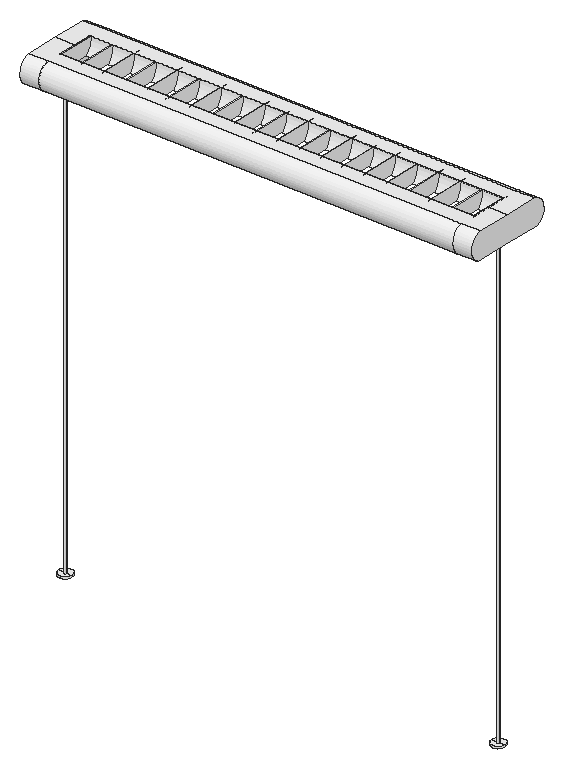
Revit family "SLS CM", category Lighting Fixtures, host Face, Revit 2013
Parameters (values of type "SLS-3T885/15-SP-E")
  Watts = 87 W
  Wattage = 87 W
  built-in parameter 1150110 = 1 (stored number, unit not read)
  Voltage = 120 V
  built-in parameter 1114217 = 1 (stored number, unit not read)
  Tilt Angle = 90.00°
  built-in parameter 1150109 = 1 (stored number, unit not read)
  built-in parameter 1150134 = 3
  Suspension Height = 4' - 0"
  Wattage Comments = ""  # constant formula
  URL = "https://www.hubbell.com/aleralighting/en/"
  built-in parameter 1150113 = 1 (stored number, unit not read)
  Product Page URL = "https://www.hubbell.com/aleralighting/en/Products/Lighting-Controls/Commercial-Indoor-Lighting/Pendant-Lighting/SLS/p/19968"
  Product Documentation Link = "https://hubbellcdn.com/specsheet/sls.pdf"
  Power Factor = 1
  Photometric Web File = "SLS-3T885 15-SP-E.ies"
  Model = "SLS-CM"  # constant formula
  Manufacturer = "Alera Lighting"  # constant formula
  Row Length = 4' - 0"
  built-in parameter 1150105 = 230.75 (stored number, unit not read)
  Lumens = 2899.71 lm
  built-in parameter 1150115 = 1 (stored number, unit not read)
  Load Classification = Lighting
  built-in parameter 1150137 = (empty or 0)
  built-in parameter 1150139 = (empty or 0)
  Lamp Type = "Three T8 Lamps"
  built-in parameter 1150112 = 1 (stored number, unit not read)
  built-in parameter 1150114 = 1 (stored number, unit not read)
  Lamp = "T5, T5HO, T8"  # constant formula
  built-in parameter 1150132 = (empty or 0)
  built-in parameter 1150102 = (empty or 0)
  built-in parameter 1150107 = 3200 (stored number, unit not read)
  built-in parameter 1150138 = (empty or 0)
  built-in parameter 1150106 = 2.3075 (stored number, unit not read)
  Glass = Hubbell - White Glass
  Emit from Rectangle Width = 0' - 7"  # constant formula
  Emit from Rectangle Length = Row Length - 0' 2"  # 3' - 10"
  Emit Shape Visible in Rendering = no
  built-in parameter 1150104 = 3.0965 (stored number, unit not read)
  Distribution = "85% Uplight, 15% Downlight"
  Dimming Lamp Color Temperature Shift = <None>
  Description = "Solaris utilizes modern small-ballast technology for a compact, contemporary look."  # constant formula
  Default Elevation = 4' - 0"
  Contact Us = "https://www.hubbell.com/aleralighting/en/contactUs"
  Color Filter = 16777215
  built-in parameter 1114218 = 1 (stored number, unit not read)
  Housing Material = Hubbell - White
  built-in parameter 1150133 = 10 (stored number, unit not read)
  Assembly Code = "D5020200"
  Apparent Load = Watts / Power Factor  # 87 VA
Types (6): name | Watts | Wattage | Photometric Web File | built-in parameter 1150105 | Lumens | Lamp Type | built-in parameter 1150106 | built-in parameter 1150104 | Distribution | Contact Us | Assembly Code | Apparent Load
  (no name) | 87 W | 87 W | "SLS-3T885 15-SP-E.ies" | 230.75 (stored number, unit not read) | 2899.71 lm | "Three T8 Lamps" | 2.3075 (stored number, unit not read) | 3.0965 (stored number, unit not read) | "85% Uplight, 15% Downlight" | "https://www.hubbell.com/aleralighting/en/contactUs" | "D5020200" | 87 VA
  SLS-1T80/100-SP-E | 34 W | 34 W | "SLS-1T80 100-SP-E.ies" | 230.76 (stored number, unit not read) | 2899.86 lm | "One T8 Lamp" | 2.3076 (stored number, unit not read) | 7.9237 (stored number, unit not read) | "0% Uplight, 100% Downlight" | "" | 0' - 0" | 34 VA
  SLS-3T885/15-SP-E | 87 W | 87 W | "SLS-3T885 15-SP-E.ies" | 230.75 (stored number, unit not read) | 2899.71 lm | "Three T8 Lamps" | 2.3075 (stored number, unit not read) | 3.0965 (stored number, unit not read) | "85% Uplight, 15% Downlight" | "https://www.hubbell.com/aleralighting/en/contactUs" | "D5020200" | 87 VA
  SLS-3T8-LD-E | 89 W | 89 W | "SLS-3T8-LD-E.ies" | 230.74 (stored number, unit not read) | 2899.62 lm | "Three T8 Lamps" | 2.3074 (stored number, unit not read) | 3.0268 (stored number, unit not read) | "60% Uplight, 40% Downlight" | "" | 0' - 0" | 89 VA
  SLS-2T8-A12-E | 58 W | 58 W | "SLS-2T8-A12-E.ies" | 1011.4 (stored number, unit not read) | 2900 lm | "Two T8 Lamps" | 10.114 (stored number, unit not read) | 4.6452 (stored number, unit not read) | "60% Uplight, 40% Downlight" | "" | 0' - 0" | 58 VA
  SLS-1T5HO0/100-LD-EP | 53 W | 53 W | "SLS-1T5HO0 100-LD-EP.ies" | 350.1 (stored number, unit not read) | 4399.53 lm | "One T5 Lamp" | 3.501 (stored number, unit not read) | 7.7119 (stored number, unit not read) | "0% Uplight, 100% Downlight" | "" | 0' - 0" | 53 VA
Reference planes (in)
  plane 1 "Center (Front/Back)": y = 0.03999
  plane 2: z = 0
  plane 3 "Center (Left/Right)": x = 1.66944
  plane 4: x = -22.33056
  plane 5: x = 25.66944
  plane 6: z = 48
  plane 7: x = -21.33056
  plane 8: x = 24.66944
  plane 9: z = 49.5
Forms (in)
  Revolve 1, solid, material "Hubbell - White" <- "Housing Material"
    sketch origin (0, 0.03999, 0) x (1, 0, 0) y (0, 0, 1)
      loop
        line (-21.33056, 48) -> (-21.33056, 0) -> (-20.59744, 0) -> (-20.59744, 0.15062) -> (-21.20556, 0.15062) -> (-21.20556, 47.90062) -> (-20.98741, 47.90062) -> (-20.98741, 48) -> (-21.33056, 48)
      axis (-21.33056, 48) -> (-21.33056, 0)
    angle from 0 to 360
  Revolve 2, solid, material "Hubbell - White" <- "Housing Material"
    sketch origin (0, 0.03999, 0) x (1, 0, 0) y (0, 0, 1)
      loop
        line (24.66944, 48) -> (24.66944, 0) -> (25.40256, 0) -> (25.40256, 0.15062) -> (24.79444, 0.15062) -> (24.79444, 47.90062) -> (25.01259, 47.90062) -> (25.01259, 48) -> (24.66944, 48)
      axis (24.66944, 48) -> (24.66944, 0)
    angle from 0 to 360
Dimensions and locks (in)
  equal spacing: plane 5, plane 3 "Center (Left/Right)", plane 4
  "Suspension Height": plane 6 to level
  equal spacing: plane 8, plane 3 "Center (Left/Right)", plane 7
  locked: plane 7 to plane 4 at 1
  "Row Length": plane 5 to plane 4
  locked: plane 9 to plane 6 at 1.5
  aligned and locked: plane 2 to host face
  aligned and locked: level to host face
  aligned and locked: Revolve 1 sketch curve to plane 7
  aligned and locked: Revolve 1 sketch curve to plane 6
  aligned and locked: host face to Revolve 1 sketch curve
  aligned and locked: Revolve 1 sketch curve to Revolve 1 sketch curve
  aligned and locked: plane 3 "Center (Left/Right)" to nested 1
  aligned and locked: plane 1 "Center (Front/Back)" to nested 1
  aligned and locked: Revolve 2 sketch curve to Revolve 2 sketch curve
  aligned and locked: plane 8 to Revolve 2 sketch curve
  aligned and locked: plane 9 to imposter light
Automatic sketch dimensions
  host sketch curve to host sketch curve = 8' - 0"  (x2)
  Revolve 1 sketch curve to plane 6 = 0' - 0.09938"
  plane 7 to Revolve 1 sketch curve = 0' - 0 1/8"
  Revolve 1 sketch curve to Revolve 1 sketch curve = 0' - 0.21815"
  Revolve 1 sketch curve to Revolve 1 sketch curve = 0' - 0.60812"
  Revolve 1 sketch curve to level = 0' - 8"
  Revolve 1 sketch curve to Revolve 1 sketch curve = 0' - 0.15062"
  Revolve 1 sketch curve to Revolve 1 sketch curve = 0' - 2 1/2"
  Revolve 2 sketch curve to plane 6 = 0' - 0"
  Revolve 2 sketch curve to level = 0' - 0"
  Revolve 2 sketch curve to plane 6 = 0' - 0.09938"
  Revolve 2 sketch curve to plane 8 = 0' - 0 1/8"
  Revolve 2 sketch curve to Revolve 2 sketch curve = 0' - 0.21815"
  Revolve 2 sketch curve to plane 5 = 0' - 0.26688"
  Revolve 2 sketch curve to Revolve 2 sketch curve = 0' - 8"
  level to Revolve 2 sketch curve = 0' - 0.15062"
  Revolve 2 sketch curve to Revolve 2 sketch curve = 0' - 2 1/2"
Nested families (in)
  nested 1: "SLS CM" at (3.71711, 0, 48), Backbox <- "Housing Material", Opal Lens <- "Glass", Length <- "Row Length", type "SLS CM"
    with Opal Lens Hubbell - White Glass, Length 4' - 0", Backbox Hubbell - White, Array 20
Connectors (in)
  electrical at (-21.33056, -1.902, 48), driven by "Voltage", driven by "Apparent Load", driven by "Power Factor", driven by "Load Classification"
    settings: on nested 1, index 1, voltage 120 V, apparent load 87 VA, apparent load phase1 0 VA, apparent load phase2 0 VA, apparent load phase3 0 VA, power factor 1, load classification "Lighting", number of poles 1, system type 30, power factor state 1, is connector primary yes, connector utility no, sub classification motor no, connector description "Lighting Connector"
Definition of nested family "SLS CM"
  Parameters (values of type "Solaris")
    Wattage Comments = ""
    URL = "http://www.aleralighting.com/"
    Length [instance] = 3' - 8"
    Product Page URL = ""
    Product Documentation Link = ""
    Model = ""
    Manufacturer Phone = "(864)-678-1000"  # constant formula
    Manufacturer Fax = "(866)-898-1065"  # constant formula
    Manufacturer = "Alera Lighting"  # constant formula
    Lamp = ""
    Opal Lens [instance] = none
    Description = ""
    Default Elevation = 4' - 0"
    Backbox [instance] = none
    Array [instance] = Length / 0' 2 51/128"  # 18
  Reference planes (in)
    plane 1 "Center (Front/Back)": y = 0.03999
    plane 2: z = 0
    plane 3 "Center (Left/Right)": x = -2.04767
    plane 4: x = -24.04767
    plane 5: x = 19.95233
    plane 6: x = -22.04767
    plane 7: x = 17.95233
    plane 8: y = 4.78999
    plane 9: y = -4.71001
    plane 10: z = 2.75
    plane 11: z = 2.675
    plane 12: x = -21.94767
  Forms (in)
    Extrusion 1, solid
      sketch origin (0, 0, 0.06357) x (1, 0, 0) y (0, 1, 0)
        loop
          line (-52.04767, 48) -> (-52.04767, -48) -> (47.95233, -48) -> (47.95233, 48) -> (-52.04767, 48)
      from -0.06357 to -6.06357
    Extrusion 2, solid, material <- "Backbox"
      sketch origin (-2.04767, 0, 0) x (0, 1, 0) y (0, 0, 1)
        loop
          arc (3.92397, 0) -> (4.78336, 1.47917) -> (3.63815, 2.75) r 1.45207
          line (3.63815, 2.75) -> (0.03999, 2.75) -> (-3.55817, 2.75)
          arc (-3.55817, 2.75) -> (-4.70338, 1.47917) -> (-3.84398, 0) r 1.45207
          line (-3.84398, 0) -> (0.03999, 0) -> (3.92397, 0)
      from 20 to 22
    Extrusion 3, solid, material <- "Backbox"
      sketch origin (-2.04767, 0, 0) x (0, 1, 0) y (0, 0, 1)
        loop
          arc (3.92397, 0) -> (4.78336, 1.47917) -> (3.63815, 2.75) r 1.45207
          line (3.63815, 2.75) -> (0.03999, 2.75) -> (-3.55817, 2.75)
          arc (-3.55817, 2.75) -> (-4.70338, 1.47917) -> (-3.84398, 0) r 1.45207
          line (-3.84398, 0) -> (0.03999, 0) -> (3.92397, 0)
      from -22 to -20
    Extrusion 4, solid, material <- "Backbox"
      sketch origin (-2.04767, 0, 0) x (0, 1, 0) y (0, 0, 1)
        loop
          line (3.63815, 2.75) -> (2.03657, 2.75)
          arc (2.03657, 2.75) -> (1.88247, 1.87701) -> (1.44868, 1.10392) r 2.64599
          line (1.44868, 1.10392) -> (1.94868, 1.10392) -> (3.92397, 0)
          arc (3.92397, 0) -> (4.78336, 1.47917) -> (3.63815, 2.75) r 1.45207
        loop
          arc (-3.55817, 2.75) -> (-4.70338, 1.47917) -> (-3.84398, 0) r 1.45207
          line (-3.84398, 0) -> (-1.8687, 1.10392) -> (-1.3687, 1.10392)
          arc (-1.3687, 1.10392) -> (-1.80249, 1.87701) -> (-1.95659, 2.75) r 2.64599
          line (-1.95659, 2.75) -> (-3.55817, 2.75)
      from -20 to 20
    Extrusion 5, solid, material <- "Opal Lens"
      sketch origin (0, 0, 0) x (1, 0, 0) y (0, 1, 0)
        loop
          line (-22.04767, 2.03657) -> (-22.04767, -1.95659) -> (17.95233, -1.95659) -> (17.95233, 2.03657) -> (-22.04767, 2.03657)
      from 2.675 to 2.75
    Extrusion 6, solid, material <- "Backbox"
      sketch origin (-2, 0, 0) x (1, 0, 0) y (0, 1, 0)
        loop
          line (-20.04767, 2.63185) -> (-20.04767, -2.36815) -> (-19.94767, -2.36815) -> (-19.94767, 2.63185) -> (-20.04767, 2.63185)
      from 1.10392 to 2.675
    Extrusion 7, solid, material <- "Backbox"
      sketch origin (37.9, 0, 0) x (1, 0, 0) y (0, 1, 0)
        loop
          line (-20.04767, 2.63185) -> (-20.04767, -2.36815) -> (-19.94767, -2.36815) -> (-19.94767, 2.63185) -> (-20.04767, 2.63185)
      from 1.10392 to 2.675
    Extrusion 8, solid, material <- "Backbox"
      sketch origin (0.34706, 0, 0) x (1, 0, 0) y (0, 1, 0)
        loop
          line (-20.04767, 2.63185) -> (-20.04767, -2.36815) -> (-19.94767, -2.36815) -> (-19.94767, 2.63185) -> (-20.04767, 2.63185)
      from 1.10392 to 2.675
    Extrusion 9, solid, material <- "Backbox"
      sketch origin (2.69412, 0, 0) x (1, 0, 0) y (0, 1, 0)
        loop
          line (-20.04767, 2.63185) -> (-20.04767, -2.36815) -> (-19.94767, -2.36815) -> (-19.94767, 2.63185) -> (-20.04767, 2.63185)
      from 1.10392 to 2.675
    Extrusion 10, solid, material <- "Backbox"
      sketch origin (5.04118, 0, 0) x (1, 0, 0) y (0, 1, 0)
        loop
          line (-20.04767, 2.63185) -> (-20.04767, -2.36815) -> (-19.94767, -2.36815) -> (-19.94767, 2.63185) -> (-20.04767, 2.63185)
      from 1.10392 to 2.675
    Extrusion 11, solid, material <- "Backbox"
      sketch origin (7.38824, 0, 0) x (1, 0, 0) y (0, 1, 0)
        loop
          line (-20.04767, 2.63185) -> (-20.04767, -2.36815) -> (-19.94767, -2.36815) -> (-19.94767, 2.63185) -> (-20.04767, 2.63185)
      from 1.10392 to 2.675
    Extrusion 12, solid, material <- "Backbox"
      sketch origin (9.73529, 0, 0) x (1, 0, 0) y (0, 1, 0)
        loop
          line (-20.04767, 2.63185) -> (-20.04767, -2.36815) -> (-19.94767, -2.36815) -> (-19.94767, 2.63185) -> (-20.04767, 2.63185)
      from 1.10392 to 2.675
    Extrusion 13, solid, material <- "Backbox"
      sketch origin (12.08235, 0, 0) x (1, 0, 0) y (0, 1, 0)
        loop
          line (-20.04767, 2.63185) -> (-20.04767, -2.36815) -> (-19.94767, -2.36815) -> (-19.94767, 2.63185) -> (-20.04767, 2.63185)
      from 1.10392 to 2.675
    Extrusion 14, solid, material <- "Backbox"
      sketch origin (14.42941, 0, 0) x (1, 0, 0) y (0, 1, 0)
        loop
          line (-20.04767, 2.63185) -> (-20.04767, -2.36815) -> (-19.94767, -2.36815) -> (-19.94767, 2.63185) -> (-20.04767, 2.63185)
      from 1.10392 to 2.675
    Extrusion 15, solid, material <- "Backbox"
      sketch origin (16.77647, 0, 0) x (1, 0, 0) y (0, 1, 0)
        loop
          line (-20.04767, 2.63185) -> (-20.04767, -2.36815) -> (-19.94767, -2.36815) -> (-19.94767, 2.63185) -> (-20.04767, 2.63185)
      from 1.10392 to 2.675
    Extrusion 16, solid, material <- "Backbox"
      sketch origin (19.12353, 0, 0) x (1, 0, 0) y (0, 1, 0)
        loop
          line (-20.04767, 2.63185) -> (-20.04767, -2.36815) -> (-19.94767, -2.36815) -> (-19.94767, 2.63185) -> (-20.04767, 2.63185)
      from 1.10392 to 2.675
    Extrusion 17, solid, material <- "Backbox"
      sketch origin (21.47059, 0, 0) x (1, 0, 0) y (0, 1, 0)
        loop
          line (-20.04767, 2.63185) -> (-20.04767, -2.36815) -> (-19.94767, -2.36815) -> (-19.94767, 2.63185) -> (-20.04767, 2.63185)
      from 1.10392 to 2.675
    Extrusion 18, solid, material <- "Backbox"
      sketch origin (23.81765, 0, 0) x (1, 0, 0) y (0, 1, 0)
        loop
          line (-20.04767, 2.63185) -> (-20.04767, -2.36815) -> (-19.94767, -2.36815) -> (-19.94767, 2.63185) -> (-20.04767, 2.63185)
      from 1.10392 to 2.675
    Extrusion 19, solid, material <- "Backbox"
      sketch origin (26.16471, 0, 0) x (1, 0, 0) y (0, 1, 0)
        loop
          line (-20.04767, 2.63185) -> (-20.04767, -2.36815) -> (-19.94767, -2.36815) -> (-19.94767, 2.63185) -> (-20.04767, 2.63185)
      from 1.10392 to 2.675
    Extrusion 20, solid, material <- "Backbox"
      sketch origin (28.51176, 0, 0) x (1, 0, 0) y (0, 1, 0)
        loop
          line (-20.04767, 2.63185) -> (-20.04767, -2.36815) -> (-19.94767, -2.36815) -> (-19.94767, 2.63185) -> (-20.04767, 2.63185)
      from 1.10392 to 2.675
    Extrusion 21, solid, material <- "Backbox"
      sketch origin (30.85882, 0, 0) x (1, 0, 0) y (0, 1, 0)
        loop
          line (-20.04767, 2.63185) -> (-20.04767, -2.36815) -> (-19.94767, -2.36815) -> (-19.94767, 2.63185) -> (-20.04767, 2.63185)
      from 1.10392 to 2.675
    Extrusion 22, solid, material <- "Backbox"
      sketch origin (33.20588, 0, 0) x (1, 0, 0) y (0, 1, 0)
        loop
          line (-20.04767, 2.63185) -> (-20.04767, -2.36815) -> (-19.94767, -2.36815) -> (-19.94767, 2.63185) -> (-20.04767, 2.63185)
      from 1.10392 to 2.675
    Extrusion 23, solid, material <- "Backbox"
      sketch origin (35.55294, 0, 0) x (1, 0, 0) y (0, 1, 0)
        loop
          line (-20.04767, 2.63185) -> (-20.04767, -2.36815) -> (-19.94767, -2.36815) -> (-19.94767, 2.63185) -> (-20.04767, 2.63185)
      from 1.10392 to 2.675
  Cuts and joins
    joined: Extrusion 2, Extrusion 3, Extrusion 4, Extrusion 6
  Dimensions and locks (in)
    equal spacing: plane 5, plane 3 "Center (Left/Right)", plane 4
    locked: plane 6 to plane 4 at 2
    equal spacing: plane 8, plane 1 "Center (Front/Back)", plane 9
    locked: plane 8 to plane 9 at 9.5
    locked: plane 10 to Extrusion 1 at 2.75
    "Length": plane 5 to plane 4
    locked: plane 10 to plane 11 at 0.075
    equal spacing: plane 7, plane 3 "Center (Left/Right)", plane 6
    locked: plane 6 to plane 12 at 0.1
    equal spacing: group 1, group 3, group 4, group 5, group 6, group 7, group 8, group 9, group 10, group 11, group 12, group 13, group 14, group 15, group 16, group 17, group 18, group 2  (x3)
    Extrusion 1 sketch curve to plane 3 "Center (Left/Right)" to Extrusion 1 sketch curve = 4' - 2", 4' - 2"
    aligned and locked: plane 2 to Extrusion 1
    aligned and locked: level to Extrusion 1
    aligned and locked: Extrusion 2 sketch curve to plane 10
    aligned and locked: plane 10 to Extrusion 2 sketch curve
    aligned and locked: Extrusion 2 sketch curve to Extrusion 1
    aligned and locked: Extrusion 1 to Extrusion 2 sketch curve
    aligned and locked: plane 5 to Extrusion 2
    aligned and locked: Extrusion 2 to plane 7
    aligned and locked: Extrusion 3 sketch curve to Extrusion 2  (x4)
    aligned and locked: Extrusion 3 to plane 4
    aligned and locked: plane 6 to Extrusion 3
    aligned and locked: Extrusion 4 to plane 6
    aligned and locked: plane 7 to Extrusion 4
    aligned and locked: Extrusion 5 sketch curve to Extrusion 4  (x2)
    aligned and locked: cut or joined group of Extrusion 2, Extrusion 3, Extrusion 4, Extrusion 6 to Extrusion 5 sketch curve  (x2)
    aligned and locked: plane 10 to Extrusion 5
    aligned and locked: Extrusion 5 to plane 11
    aligned and locked: Extrusion 6 to plane 6
    aligned and locked: plane 7 to Extrusion 7
    aligned and locked: Extrusion 5 to plane 6
    aligned and locked: Extrusion 4 sketch curve to cut or joined group of Extrusion 2, Extrusion 3, Extrusion 4, Extrusion 6  (x2)
  Automatic sketch dimensions
    Extrusion 1 sketch curve to Extrusion 1 sketch curve = 8' - 0"
    Extrusion 2 sketch curve to plane 1 "Center (Front/Back)" = 0' - 0"  (x2)
    Extrusion 2 sketch curve to plane 9 = 0' - 1.15184"
    Extrusion 4 sketch curve to plane 10 = 0' - 0"  (x2)
    Extrusion 4 sketch curve to level = 0' - 0"  (x2)
    Extrusion 4 sketch curve to Extrusion 4 sketch curve = 0' - 0.08788"
    Extrusion 4 sketch curve to Extrusion 4 sketch curve = 0' - 0 1/2"  (x2)
    plane 10 to Extrusion 4 sketch curve = 0' - 0.01695"  (x2)
    plane 1 "Center (Front/Back)" to Extrusion 4 sketch curve = 0' - 0.64936"
    Extrusion 4 sketch curve to plane 1 "Center (Front/Back)" = 0' - 0.64936"
    Extrusion 4 sketch curve to plane 1 "Center (Front/Back)" = 0' - 1.40869"
    level to Extrusion 4 sketch curve = 0' - 1.10392"
    Extrusion 6 sketch curve to Extrusion 6 sketch curve = 0' - 0.1"
    Extrusion 6 sketch curve to Extrusion 6 sketch curve = 0' - 5"
    Extrusion 7 sketch curve to Extrusion 7 sketch curve = 0' - 0.1"
    Extrusion 7 sketch curve to Extrusion 7 sketch curve = 0' - 5"
    Extrusion 8 sketch curve to Extrusion 8 sketch curve = 0' - 0.1"
    Extrusion 8 sketch curve to Extrusion 8 sketch curve = 0' - 5"
    Extrusion 9 sketch curve to Extrusion 9 sketch curve = 0' - 0.1"
    Extrusion 9 sketch curve to Extrusion 9 sketch curve = 0' - 5"
    Extrusion 10 sketch curve to Extrusion 10 sketch curve = 0' - 0.1"
    Extrusion 10 sketch curve to Extrusion 10 sketch curve = 0' - 5"
    Extrusion 11 sketch curve to Extrusion 11 sketch curve = 0' - 0.1"
    Extrusion 11 sketch curve to Extrusion 11 sketch curve = 0' - 5"
    Extrusion 12 sketch curve to Extrusion 12 sketch curve = 0' - 0.1"
    Extrusion 12 sketch curve to Extrusion 12 sketch curve = 0' - 5"
    Extrusion 13 sketch curve to Extrusion 13 sketch curve = 0' - 0.1"
    Extrusion 13 sketch curve to Extrusion 13 sketch curve = 0' - 5"
    Extrusion 14 sketch curve to Extrusion 14 sketch curve = 0' - 0.1"
    Extrusion 14 sketch curve to Extrusion 14 sketch curve = 0' - 5"
    Extrusion 15 sketch curve to Extrusion 15 sketch curve = 0' - 0.1"
    Extrusion 15 sketch curve to Extrusion 15 sketch curve = 0' - 5"
    Extrusion 16 sketch curve to Extrusion 16 sketch curve = 0' - 0.1"
    Extrusion 16 sketch curve to Extrusion 16 sketch curve = 0' - 5"
    Extrusion 17 sketch curve to Extrusion 17 sketch curve = 0' - 0.1"
    Extrusion 17 sketch curve to Extrusion 17 sketch curve = 0' - 5"
    Extrusion 18 sketch curve to Extrusion 18 sketch curve = 0' - 0.1"
    Extrusion 18 sketch curve to Extrusion 18 sketch curve = 0' - 5"
    Extrusion 19 sketch curve to Extrusion 19 sketch curve = 0' - 0.1"
    Extrusion 19 sketch curve to Extrusion 19 sketch curve = 0' - 5"
    Extrusion 3 sketch curve to plane 1 "Center (Front/Back)" = 0' - 0"  (x2)
    Extrusion 3 sketch curve to plane 9 = 0' - 1.45092"
    Extrusion 3 sketch curve to plane 9 = 0' - 1.15184"
    Extrusion 3 sketch curve to plane 9 = 0' - 0.86603"
    plane 8 to Extrusion 3 sketch curve = 0' - 1.45092"
    plane 8 to Extrusion 3 sketch curve = 0' - 1.15184"
    plane 8 to Extrusion 3 sketch curve = 0' - 0.86603"
    plane 8 to Extrusion 2 sketch curve = 0' - 1.45092"
    plane 8 to Extrusion 2 sketch curve = 0' - 1.15184"
    plane 8 to Extrusion 2 sketch curve = 0' - 0.86603"
    level to Extrusion 2 sketch curve = 0' - 1.32906"
    Extrusion 2 sketch curve to plane 9 = 0' - 0.86603"
    Extrusion 4 sketch curve to Extrusion 4 sketch curve = 0' - 1.34722"
    Extrusion 20 sketch curve to Extrusion 20 sketch curve = 0' - 0.1"
    Extrusion 20 sketch curve to Extrusion 20 sketch curve = 0' - 5"
    Extrusion 21 sketch curve to Extrusion 21 sketch curve = 0' - 0.1"
    Extrusion 21 sketch curve to Extrusion 21 sketch curve = 0' - 5"
    Extrusion 22 sketch curve to Extrusion 22 sketch curve = 0' - 0.1"
    Extrusion 22 sketch curve to Extrusion 22 sketch curve = 0' - 5"
    Extrusion 23 sketch curve to Extrusion 23 sketch curve = 0' - 0.1"
    Extrusion 23 sketch curve to Extrusion 23 sketch curve = 0' - 5"
